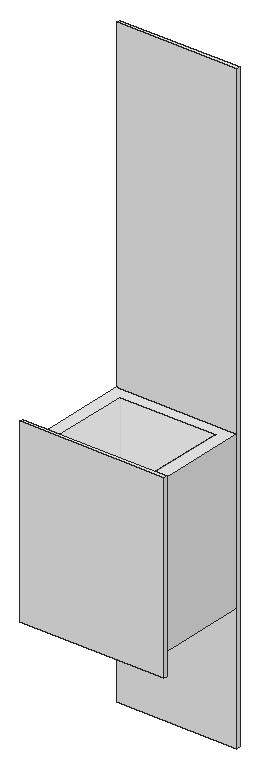
Revit family "3-749-xx Icon Wall Sconce", category Luminarias, Revit 2021
Family settings
  Anfitrión = Muro
  Cota de conector redondo = Diámetro de uso
  Tipo de pieza = Normal
  Número OmniClass = 23.80.70.00
  Título OmniClass = Lighting
  Siempre vertical = Sí
  Corte con vacíos al cargar = No
  Origen de luz = Sí
  Compartido = No
  Punto de cálculo de habitación = No
Parameters (values of type "3-749-14 / Polished Chrome - Matte White Acrylic")
  Tamaño de símbolo de origen de luz = 609.6 mm
  Elevación por defecto = 0 mm
  Diffuser = Matte White Acrylic
  Comentarios de vataje = "1 x 12.0 W at 120 V"  # constant formula
  Wattage = 12.2 W
  built-in parameter 1150110 = 1 (stored number, unit not read)
  Voltage Input = "120 V or 277 V - 50/60 Hz"  # constant formula
  Voltage = 120 V
  URL = "www.oxygenlighting.com"
  built-in parameter 1114217 = 1 (stored number, unit not read)
  built-in parameter 1150109 = 1 (stored number, unit not read)
  built-in parameter 1150134 = (empty or 0)
  built-in parameter 1150113 = 1 (stored number, unit not read)
  References = "Ref. 3 = 120 V / Ref. 37 = 277 V"  # constant formula
  Modelo = "3-749-xx / Pivot Wall Sconce"  # constant formula
  Metal Finish 1 = 14 - Polished Chrome
  Fabricante = "Oxygen Lighting and Fans"  # constant formula
  Lumens = 272.06 lm
  built-in parameter 1150115 = 1 (stored number, unit not read)
  built-in parameter 1150105 = 21.65 (stored number, unit not read)
  built-in parameter 1150137 = (empty or 0)
  built-in parameter 1150139 = (empty or 0)
  built-in parameter 1150112 = 1 (stored number, unit not read)
  built-in parameter 1150114 = 1 (stored number, unit not read)
  Lámpara = "LED Array"  # constant formula
  built-in parameter 1150132 = (empty or 0)
  built-in parameter 1150102 = (empty or 0)
  built-in parameter 1150138 = (empty or 0)
  built-in parameter 1150107 = 3000 (stored number, unit not read)
  built-in parameter 1150106 = 0.2165 (stored number, unit not read)
  built-in parameter 1150104 = 2.0717 (stored number, unit not read)
  Dimming Lamp Color Temperature Shift = (empty or 0)
  Color Filter = 16777215
  built-in parameter 1114218 = 1 (stored number, unit not read)
  built-in parameter 1150133 = 10 (stored number, unit not read)
Types (4, lengths in mm): name | Metal Finish 1
  3-749-24 / Satin Nickel - Matte White Acrylic | 24 - Satin Nickel
  3-749-14 / Polished Chrome - Matte White Acrylic | 14 - Polished Chrome
  3-749-15 / Black - Matte White Acrylic | 15 - Black
  3-749-40 / Aged Brass - Matte White Acrylic | 40 - Aged Brass
Reference planes
  plane 1: y = 0
  plane 2 "Light Source Axis (L/R)": x = 125
  plane 3 "Light Source Axis (F/R)": y = 142.5
  plane 4 "Light Source Elevation": z = 901.371
  plane 5: y = 75
  plane 6: z = 737.5
Text (mm)
  text "Placement side" at (-1787.139, 1116.779, 0), in view "Ref. Level"
  text "Placement side" at (0, 2110.396, 2986.058), in view "Left"
  text "Placement side" at (0, 628.478, 3011.967), in view "Right"
Dimensions and locks
  locked: plane 3 "Light Source Axis (F/R)" to plane 5 at 67.5
  locked: plane 6 to plane 4 "Light Source Elevation" at 163.871
  aligned and locked: plane 1 to host wall
  aligned and locked: plane 4 "Light Source Elevation" to imposter light
  aligned and locked: plane 5 to host wall
  aligned and locked: plane 2 "Light Source Axis (L/R)" to imposter light
  aligned and locked: plane 3 "Light Source Axis (F/R)" to imposter light
  aligned and locked: nested 1 to plane 6
Nested families
  nested 1: "Family1" at (125, 75, 907.5) x (-1, 0, 0) z (0, 0, 1), type "Family1"
Definition of nested family "Family1"
  Parameters (values of type "Family1")
    Metal finish 2 = none
    Metal Finish 1 = none
    Default Elevation = 0 mm
    Diffuser = none
  Reference planes
    plane 1 "Center (Front/Back)": y = 0
    plane 2: z = 0
    plane 3 "Center (Left/Right)": x = 0
  Forms (mm)
    Extrusion 1, solid, material <- "Metal Finish 1"
      sketch origin (0, 0, 0) x (1, 0, 0) y (0, 0, 1)
        loop
          line (-60, 75) -> (-60, -75) -> (60, -75) -> (60, 75) -> (-60, 75)
      from 0 to 3
    Extrusion 2, solid, material <- "Metal Finish 1"
      sketch origin (0, 0, 0) x (1, 0, 0) y (0, 1, 0)
        loop
          line (-50, -89) -> (-50, -92) -> (50, -92) -> (50, -89) -> (-50, -89)
      from -170 to 338
    Extrusion 3, solid, material <- "Metal Finish 1"
      sketch origin (0, 0, 0) x (1, 0, 0) y (0, 1, 0)
        loop
          line (-50, -3) -> (-50, -89) -> (50, -89) -> (50, -3) -> (-50, -3)
        loop
          line (40, -79) -> (40, -13) -> (-40, -13) -> (-40, -79) -> (40, -79)
      from -65 to 65
    Extrusion 4, solid, material <- "Diffuser"
      sketch origin (0, 0, 0) x (1, 0, 0) y (0, 1, 0)
        loop
          line (-40, -13) -> (-40, -79) -> (40, -79) -> (40, -13) -> (-40, -13)
      from -65 to 65
  Dimensions and locks
    aligned and locked: level to plane 2
